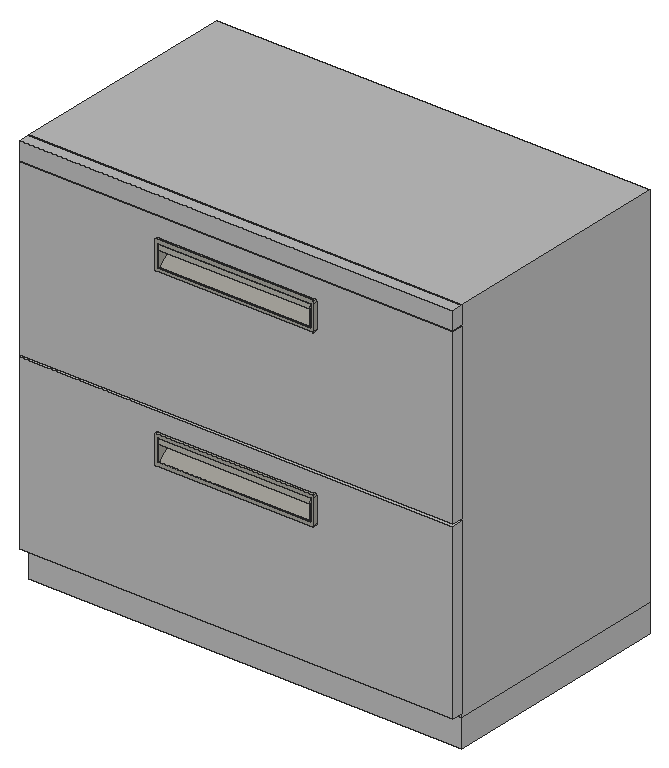
Revit family "Haworth_VSeries_Lateral_Attached", category Furniture Systems, Revit 2018
Family settings
  Round Connector Dimension = Use Diameter
  Part Type = Normal
  OmniClass Number = 23.40.70.14.64.21
  OmniClass Title = Systems Furniture
  Work Plane-Based = No
  Always vertical = Yes
  Cut with Voids When Loaded = No
  Shared = No
  Room Calculation Point = No
Parameters (values of type "30w")
  Width = 30"
  Warranty = "http://www.haworth.com/resources/product-info/warranties"
  URL - Product = "http://www.haworth.com/products/storage/files-pedestals/v-series"
  URL = "www.haworth.com"
  Total Drawer Height = Actual Height - 1 3/4" - 1 1/2" - 1/8"  # 24 1/8"
  Actual Width = if(Width < Min. Width, Min. Width, if(Width > Max. Width, Max. Width, Width))  # 30"
  Sustainability Info = "http://www.haworth.com/company-info/sustainablility"
  Standard Widths = "30, 36, 42 inches"  # constant formula
  Standard Pull = yes
  Standard Depth = "17 inches"  # constant formula
  Stadard Height = "27.5 inches"  # constant formula
  Size = "Verify Final Dim. w/ Haworth"  # constant formula
  Revision Number = "2"  # constant formula
  Pull Finish = Haworth _ Polymer _ Gray Tone
  Model = "Haworth - VSeries - Lateral - Attached"  # constant formula
  Min. Width = 30"  # constant formula
  Max. Width = 42"  # constant formula
  Manufacturer = "Haworth"  # constant formula
  Full Pull = not(Standard Pull)  # no
  Drawer Finish = Haworth _ Paint _ Metallic Champagne
  Drawer 2 Height = 11 15/16"  # constant formula
  Drawer 1 Height = 11 15/16"  # constant formula
  Description = "Haworth - VSeries - Lateral - Attached"  # constant formula
  Cabinet Finish = Haworth _ Paint _ Metallic Champagne
  Author = "Haworth (Hampton)"  # constant formula
  Assembly Code = "E2020200"
  Actual Height = 27 1/2"  # constant formula
  Actual Depth = 17"  # constant formula
Reference planes (in)
  plane 1 "Back": y = -6
  plane 2: z = 0
  plane 3 "Center L/R": x = -7.5
  plane 4 "Left": x = -22.5
  plane 5 "Right": x = 7.5
  plane 6 "Front": y = -23
  plane 7 "Back of Drawers": y = -22.25
  plane 8 "Base of Cabinet": z = 1.875
  plane 9 "Top": z = 27.5
  plane 10 "Bottom of Keyed": z = 26.25
  plane 11 "Center F/B": y = -14.5
  plane 12: y = -38.00051
  plane 13: through (-0.0519, -38.00051, -82.54467) normal (0, 0.4384, -0.8988)
  plane 14: y = -37.75051
  plane 15 "Bottom Drawer": z = 2.166
  plane 16 "Middle Drawer": z = 14.1035
  plane 17 "Middle Drawer 2": z = 14.2285
Forms (in)
  Extrusion 1, solid, material "Haworth _ Paint _ Metallic Champagne" <- "Cabinet Finish"
    sketch origin (0, 0, 0) x (1, 0, 0) y (0, 1, 0)
      loop
        line (-22.5, -6) -> (-22.5, -22.25) -> (7.5, -22.25) -> (7.5, -6) -> (-22.5, -6)
    from 1.875 to 27.5
  Extrusion 2, solid, material "Haworth _ Paint _ Metallic Champagne" <- "Drawer Finish"
    sketch origin (0, 0, 0) x (1, 0, 0) y (0, 1, 0)
      loop
        line (-22.5, -23) -> (7.5, -23) -> (7.5, -22.25) -> (-22.5, -22.25) -> (-22.5, -23)
    from 26.25 to 27.5
  Extrusion 3, solid, material "Haworth _ Paint _ Metallic Champagne" <- "Cabinet Finish"
    sketch origin (0, 0, 0) x (1, 0, 0) y (0, 1, 0)
      loop
        line (-22.5, -6) -> (-22.5, -22.25) -> (7.5, -22.25) -> (7.5, -6) -> (-22.5, -6)
    from 0 to 1.875
Lines and regions (in)
  Masking region 1
    outline origin (0, 0, 27.5) x (-1, 0, 0) y (0, -1, 0)
      loop
        line (22.5, 6) -> (22.5, 24.5) -> (-7.5, 24.5) -> (-7.5, 6) -> (22.5, 6)
Dimensions and locks (in)
  equal spacing: plane 4 "Left", plane 3 "Center L/R", plane 5 "Right"
  "Actual Width": plane 4 "Left" to plane 5 "Right"
  "Actual Depth": plane 1 "Back" to plane 6 "Front"
  locked: plane 7 "Back of Drawers" to plane 6 "Front" at 0.75
  locked: plane 8 "Base of Cabinet" to level at 1.875
  "Actual Height": plane 9 "Top" to level
  plane 9 "Top" to plane 10 "Bottom of Keyed" = 1 1/4"
  equal spacing: plane 1 "Back", plane 11 "Center F/B", plane 6 "Front"
  locked: plane 15 "Bottom Drawer" to plane 8 "Base of Cabinet" at 0.291
  aligned and locked: plane 4 "Left" to Extrusion 1 sketch curve
  aligned and locked: plane 1 "Back" to Extrusion 1 sketch curve
  aligned and locked: plane 7 "Back of Drawers" to Extrusion 1 sketch curve
  aligned and locked: plane 5 "Right" to Extrusion 1 sketch curve
  aligned and locked: plane 9 "Top" to Extrusion 1
  aligned and locked: Extrusion 1 to plane 8 "Base of Cabinet"
  aligned and locked: plane 4 "Left" to Extrusion 2 sketch curve
  aligned and locked: Extrusion 2 sketch curve to plane 6 "Front"
  aligned and locked: Extrusion 2 sketch curve to plane 5 "Right"
  aligned and locked: plane 7 "Back of Drawers" to Extrusion 2 sketch curve
  aligned and locked: plane 9 "Top" to Extrusion 2
  aligned and locked: Extrusion 2 to plane 10 "Bottom of Keyed"
  aligned and locked: plane 5 "Right" to Extrusion 3 sketch curve
  aligned and locked: plane 7 "Back of Drawers" to Extrusion 3 sketch curve
  aligned and locked: plane 4 "Left" to Extrusion 3 sketch curve
  aligned and locked: plane 1 "Back" to Extrusion 3 sketch curve
  aligned and locked: plane 8 "Base of Cabinet" to Extrusion 3
  aligned and locked: plane 3 "Center L/R" to nested 1
  aligned and locked: nested 1 to plane 7 "Back of Drawers"
  aligned and locked: plane 3 "Center L/R" to nested 2
  aligned and locked: nested 2 to plane 7 "Back of Drawers"
  aligned and locked: plane 15 "Bottom Drawer" to nested 1
  aligned and locked: plane 15 "Bottom Drawer" to nested 2
  aligned and locked: nested 4 to plane 7 "Back of Drawers"
  aligned and locked: nested 3 to plane 7 "Back of Drawers"
  aligned and locked: plane 17 "Middle Drawer 2" to nested 4
  aligned: plane 17 "Middle Drawer 2" to nested 3
  aligned and locked: plane 3 "Center L/R" to nested 4
  aligned and locked: plane 3 "Center L/R" to nested 3
  aligned and locked: plane 17 "Middle Drawer 2" to nested 3
  aligned and locked: Extrusion 3 to plane 2
Automatic sketch dimensions
  Masking region 1 sketch curve to plane 5 "Right" = 0"
  Masking region 1 sketch curve to plane 4 "Left" = 0"
  plane 1 "Back" to Masking region 1 sketch curve = 0"
  Masking region 1 sketch curve to plane 6 "Front" = 1 1/2"
Nested families (in)
  nested 1: "Haworth_Drawer_VSeries-Full_Part" at (-7.5, -22.25, 2.166), visible <- "Full Pull", Drawer Height <- "Drawer 1 Height", type "Drawer"
    with Drawer Height 11 15/16", Drawer Width 30"
  nested 2: "Haworth_Drawer_VSeries-Standard_Part" at (-7.5, -22.25, 2.166), visible <- "Standard Pull", Drawer Height <- "Drawer 1 Height", type "Drawer"
    with Drawer Height 11 15/16", Drawer Width 30"
  nested 3: "Haworth_Drawer_VSeries-Full_Part" at (-7.5, -22.25, 14.2285), visible <- "Full Pull", Drawer Height <- "Drawer 2 Height", type "Drawer"
    with Drawer Height 11 15/16", Drawer Width 30"
  nested 4: "Haworth_Drawer_VSeries-Standard_Part" at (-7.5, -22.25, 14.2285), visible <- "Standard Pull", Drawer Height <- "Drawer 2 Height", type "Drawer"
    with Drawer Height 11 15/16", Drawer Width 30"
Definition of nested family "Haworth_Drawer_VSeries-Full_Part"
  Parameters
    Drawer Width = 15"
    Drawer Height [instance] = 11 13/16"
    Drawer Finish = none
    Assembly Code = ""
  Reference planes (in)
    plane 1 "Drawer Back": y = 0
    plane 2: z = 0
    plane 3 "Center L/R": x = 0
    plane 4 "Drawer Front": y = -0.75
    plane 5 "Left": x = -7.5
    plane 6 "Right": x = 7.5
    plane 7 "Top": z = 11.8125
  Forms (in)
    Extrusion 1, solid, material <- "Drawer Finish"
      sketch origin (-7.5, 0, 2.25) x (0, 1, 0) y (0, 0, 1)
        loop
          line (0, 9.5625) -> (-0.75, 9.5625) -> (-0.75, 9.0606) -> (-0.6875, 9.0606) -> (-0.6875, 9.4981) -> (-0.1875, 9.4981) -> (-0.1875, 8.36999) -> (-0.75, 8.02598) -> (-0.75, -2.25) -> (0, -2.25) -> (0, 9.5625)
      from 0 to 15
  Lines and regions (in)
    Masking region 1, detail levels medium+fine
      outline origin (0, 0, 0) x (1, 0, 0) y (0, 1, 0)
        loop
          line (-7.5, 0) -> (-7.5, -0.75) -> (7.5, -0.75) -> (7.5, 0) -> (-7.5, 0)
  Dimensions and locks (in)
    equal spacing: plane 5 "Left", plane 3 "Center L/R", plane 6 "Right"
    "Drawer Width": plane 5 "Left" to plane 6 "Right"
    locked: plane 1 "Drawer Back" to plane 4 "Drawer Front" at 0.75
    "Drawer Height": plane 7 "Top" to level
    aligned and locked: Extrusion 1 to plane 6 "Right"
    aligned and locked: plane 1 "Drawer Back" to Extrusion 1 sketch curve
    aligned and locked: plane 7 "Top" to Extrusion 1 sketch curve
    aligned and locked: level to Extrusion 1 sketch curve
    aligned and locked: Extrusion 1 sketch curve to plane 4 "Drawer Front"
    aligned and locked: plane 5 "Left" to Masking region 1 sketch curve
    aligned and locked: plane 4 "Drawer Front" to Masking region 1 sketch curve
    aligned and locked: plane 1 "Drawer Back" to Masking region 1 sketch curve
    aligned and locked: plane 6 "Right" to Masking region 1 sketch curve
  Automatic sketch dimensions
    Extrusion 1 sketch curve to plane 4 "Drawer Front" = 0"
    plane 4 "Drawer Front" to Extrusion 1 sketch curve = 1/16"
    Extrusion 1 sketch curve to plane 7 "Top" = 0.5019"
    Extrusion 1 sketch curve to plane 7 "Top" = 0.0644"
    Extrusion 1 sketch curve to Extrusion 1 sketch curve = 1.03462"
    Extrusion 1 sketch curve to Extrusion 1 sketch curve = 0.34401"
    plane 1 "Drawer Back" to Extrusion 1 sketch curve = 3/16"
Definition of nested family "Haworth_Drawer_VSeries-Standard_Part"
  Parameters
    Standard Pull Void Height = 1 5/8"
    Standard Pull Height = 1 5/16"
    Pull Location Height = 2 1/4"
    Pull Finish = none
    Standard Pull Location = 3 7/8"
    Drawer Width = 15"
    Drawer Height [instance] = 11 13/16"
    Drawer Finish = none
    Assembly Code = ""
  Reference planes (in)
    plane 1 "Drawer Back": y = 0
    plane 2: z = 0
    plane 3 "Center L/R": x = 0
    plane 4 "Drawer Front": y = -0.75
    plane 5 "Left": x = -7.5
    plane 6 "Right": x = 7.5
    plane 7 "Top": z = 11.8125
    plane 8: y = -4
    plane 9: y = -0.125
    plane 10 "Standard Top": z = 8.75
    plane 11 "Pull Location": z = 9.5625
    plane 12 "Standard Bottom": z = 10.25
    plane 13 "Pull Void Left": x = -5.275
    plane 14 "Pull Void Right": x = 5.275
    plane 15 "Pull Right": x = 5.525
    plane 16 "Pull Left": x = -5.525
    plane 17 "Pull Top": z = 10.5
    plane 18 "Pull Bottom": z = 8.5
    plane 19 "Pull Front": y = -0.9375
  Forms (in)
    Extrusion 1, solid, material <- "Drawer Finish"
      sketch origin (-7.5, 0, 0) x (0, 1, 0) y (0, 0, 1)
        loop
          line (0, 11.8125) -> (-0.75, 11.8125) -> (-0.75, 0) -> (0, 0) -> (0, 11.8125)
      from 0 to 15
    Extrusion 2, void
      sketch origin (0, -0.75, 0) x (-1, 0, 0) y (0, 0, 1)
        loop
          line (5.275, 8.75) -> (5.275, 10.25) -> (-5.275, 10.25) -> (-5.275, 8.75) -> (5.275, 8.75)
      from -3.25 to 0.625
    Extrusion 3, solid, material <- "Pull Finish"
      sketch origin (0, -0.9375, 0) x (-1, 0, 0) y (0, 0, 1)
        loop
          line (5.4, 10.5) -> (-5.4, 10.5)
          arc (-5.4, 10.5) -> (-5.48839, 10.46339) -> (-5.525, 10.375) r 0.125
          line (-5.525, 10.375) -> (-5.525, 8.625)
          arc (-5.525, 8.625) -> (-5.48839, 8.53661) -> (-5.4, 8.5) r 0.125
          line (-5.4, 8.5) -> (5.4, 8.5)
          arc (5.4, 8.5) -> (5.48839, 8.53661) -> (5.525, 8.625) r 0.125
          line (5.525, 8.625) -> (5.525, 10.375)
          arc (5.525, 10.375) -> (5.48839, 10.46339) -> (5.4, 10.5) r 0.125
      from 0 to 0.1875
    Extrusion 4, solid, material <- "Pull Finish"
      sketch origin (-5.275, 0, 0) x (0, 0, 1) y (0, -1, 0)
        loop
          line (10.25, 0.9375) -> (9.93166, 1.0228) -> (9.93166, 0.875) -> (10.20387, 0.60279) -> (10.20387, 0.17128) -> (9.44972, 0.17128) -> (8.79917, 0.9375) -> (8.75, 0.9375) -> (9.43984, 0.125) -> (10.25, 0.125) -> (10.25, 0.9375)
      from 0 to 10.55
    Extrusion 5, solid, material <- "Pull Finish"
      sketch origin (-5.275, 0, 0) x (0, 0, 1) y (0, -1, 0)
        loop
          line (10.20387, 0.17128) -> (10.20387, 0.60279) -> (9.93166, 0.875) -> (9.93166, 0.9375) -> (8.79917, 0.9375) -> (9.44972, 0.17128) -> (10.20387, 0.17128)
      from 0 to 0.0625
    Extrusion 6, solid, material <- "Pull Finish"
      sketch origin (5.275, 0, 0) x (0, 0, 1) y (0, 1, 0)
        loop
          line (10.20387, -0.17128) -> (9.44972, -0.17128) -> (8.79917, -0.9375) -> (9.93166, -0.9375) -> (9.93166, -0.875) -> (10.20387, -0.60279) -> (10.20387, -0.17128)
      from 0 to 0.0625
  Cuts and joins
    Extrusion 2 cuts Extrusion 1
    Extrusion 2 cuts Extrusion 3
  Lines and regions (in)
    Masking region 1, detail levels medium+fine
      outline origin (0, 0, 0) x (1, 0, 0) y (0, 1, 0)
        loop
          line (-7.5, 0) -> (-7.5, -0.75) -> (7.5, -0.75) -> (7.5, 0) -> (-7.5, 0)
  Dimensions and locks (in)
    equal spacing: plane 5 "Left", plane 3 "Center L/R", plane 6 "Right"
    "Drawer Width": plane 5 "Left" to plane 6 "Right"
    locked: plane 1 "Drawer Back" to plane 4 "Drawer Front" at 0.75
    "Drawer Height": plane 7 "Top" to level
    locked: plane 8 to plane 1 "Drawer Back" at 4
    "Standard Pull Location": plane 8 to plane 9
    equal spacing: Extrusion 2 sketch curve, plane 3 "Center L/R", Extrusion 2 sketch curve
    Extrusion 2 sketch curve to Extrusion 2 sketch curve = 10.55"
    plane 17 "Pull Top" to plane 12 "Standard Bottom" = 1/4"
    plane 10 "Standard Top" to plane 18 "Pull Bottom" = 1/4"
    equal spacing: plane 14 "Pull Void Right", plane 3 "Center L/R", plane 13 "Pull Void Left", locked at 5.275 each
    locked: plane 13 "Pull Void Left" to plane 16 "Pull Left" at 0.25
    locked: plane 14 "Pull Void Right" to plane 15 "Pull Right" at 0.25
    "Standard Pull Height": plane 7 "Top" to plane 17 "Pull Top"
    plane 12 "Standard Bottom" to plane 11 "Pull Location" to plane 10 "Standard Top" = 11/16", 13/16"
    aligned and locked: Extrusion 1 sketch curve to plane 1 "Drawer Back"
    aligned and locked: Extrusion 1 sketch curve to plane 2
    aligned and locked: Extrusion 1 sketch curve to plane 4 "Drawer Front"
    aligned and locked: Extrusion 1 to plane 6 "Right"
    aligned: Extrusion 2 to plane 8
    aligned: plane 9 to Extrusion 2  (x2)
    aligned and locked: plane 15 "Pull Right" to Extrusion 3 sketch curve
    aligned and locked: Extrusion 3 sketch curve to plane 18 "Pull Bottom"
    aligned and locked: plane 16 "Pull Left" to Extrusion 3 sketch curve
    aligned and locked: Extrusion 3 sketch curve to plane 17 "Pull Top"
    aligned and locked: Extrusion 2 sketch curve to plane 13 "Pull Void Left"
    aligned and locked: plane 12 "Standard Bottom" to Extrusion 2 sketch curve
    aligned and locked: Extrusion 4 to cut or joined group of Extrusion 1, Extrusion 2
    aligned and locked: Extrusion 4 to plane 14 "Pull Void Right"
    aligned and locked: plane 5 "Left" to Masking region 1 sketch curve
    aligned and locked: plane 6 "Right" to Masking region 1 sketch curve
    aligned and locked: plane 1 "Drawer Back" to Masking region 1 sketch curve
    aligned and locked: plane 4 "Drawer Front" to Masking region 1 sketch curve
  Automatic sketch dimensions
    Extrusion 2 sketch curve to plane 10 "Standard Top" = 0"
    Extrusion 3 sketch curve to plane 14 "Pull Void Right" = 1/8"
    plane 12 "Standard Bottom" to Extrusion 3 sketch curve = 1/8"
    Extrusion 3 sketch curve to Extrusion 3 sketch curve = 1/8"
    Extrusion 3 sketch curve to plane 13 "Pull Void Left" = 1/8"
    plane 10 "Standard Top" to Extrusion 4 sketch curve = 0"
    Extrusion 4 sketch curve to plane 19 "Pull Front" = 0"  (x2)
    Extrusion 4 sketch curve to plane 9 = 0"
    plane 12 "Standard Bottom" to Extrusion 4 sketch curve = 0"
    Extrusion 4 sketch curve to plane 10 "Standard Top" = 0.04917"
    plane 11 "Pull Location" to Extrusion 4 sketch curve = 0.12266"
    Extrusion 4 sketch curve to plane 9 = 0.04628"
    Extrusion 4 sketch curve to Extrusion 4 sketch curve = 0.00988"
    plane 19 "Pull Front" to Extrusion 4 sketch curve = 1/16"
    Extrusion 4 sketch curve to plane 12 "Standard Bottom" = 0.31834"
    Extrusion 4 sketch curve to plane 12 "Standard Bottom" = 0.04613"
    plane 4 "Drawer Front" to Extrusion 4 sketch curve = 0.14721"
    Extrusion 4 sketch curve to plane 19 "Pull Front" = 0.0853"
    Extrusion 5 sketch curve to plane 19 "Pull Front" = 0"
    Extrusion 5 sketch curve to plane 10 "Standard Top" = 0.04917"
    Extrusion 5 sketch curve to plane 9 = 0.04628"
    plane 11 "Pull Location" to Extrusion 5 sketch curve = 0.11278"
    Extrusion 5 sketch curve to plane 12 "Standard Bottom" = 0.31834"
    Extrusion 5 sketch curve to plane 12 "Standard Bottom" = 0.04613"
    plane 4 "Drawer Front" to Extrusion 5 sketch curve = 0.14721"
    Extrusion 5 sketch curve to Extrusion 5 sketch curve = 1/16"
    Extrusion 6 sketch curve to plane 19 "Pull Front" = 0"
    Extrusion 6 sketch curve to plane 10 "Standard Top" = 0.04917"
    Extrusion 6 sketch curve to plane 9 = 0.04628"
    plane 11 "Pull Location" to Extrusion 6 sketch curve = 0.11278"
    Extrusion 6 sketch curve to plane 12 "Standard Bottom" = 0.31834"
    Extrusion 6 sketch curve to plane 12 "Standard Bottom" = 0.04613"
    Extrusion 6 sketch curve to Extrusion 6 sketch curve = 1/16"
    plane 4 "Drawer Front" to Extrusion 6 sketch curve = 0.14721"
    Extrusion 1 sketch curve to plane 7 "Top" = 0"
